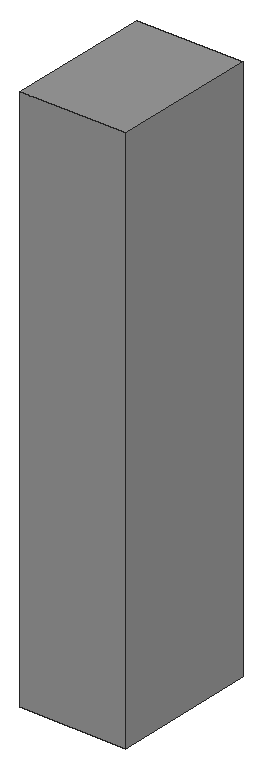
Revit family "PRE080019-FR", category Appareils sanitaires, Revit 2017
Family settings
  Cote de connecteur circulaire = Utiliser le diamètre
  Type d'élément = Normal
  Basée sur le plan de construction = Non
  Toujours verticalement = Oui
  Couper avec des vides une fois chargée = Non
  Partagée = Non
  Point de calcul de pièce = Non
Parameters (values of type "70814 PRESTO CHEF Colonne deux trous murale avec douchette")
  Variantes = "70814"
  Product data url = "https://www.bimobject.com/presto/product/pre080019"
  Product Guid = "f28a7723-6234-452e-aff1-106aed1f1b57"
  Garantie = ""
  URL Fabricant = "http://www.prestodatashare.com/centretelechargement/index.php?lang=FR&refs=70814"
  URL = "http://www.prestodatashare.com/centretelechargement/index.php?lang=FR&refs=70814"
  Lien notice d'utilisation = "http://www.prestodatashare.com/centretelechargement/index.php?lang=FR&refs=70814"
  Lien fiche produit = "http://www.prestodatashare.com/espacedoc/Fiches_Techniques/FR/70814.pdf"
  Reference = "70814"
  Pression = "1 à 5 bars"
  Polantis code = "PRE080019"
  Perte de charge = 0.0 Pa
  Profondeur = 300 mm
  Modèle = "70814 PRESTO CHEF Colonne deux trous murale avec douchette"
  Matériau = Laiton poli chromé
  Lien CCTP = "http://www.prestodatashare.com/centretelechargement/index.php?lang=FR&refs=70814"
  Largeur = 217 mm
  HC = 1100 mm
  Hauteur = 1134 mm
  Fonction = "Mélangeur à tête céramique 1/4 de tour\nDouchette noire M1/2'' avec surface de préhension limitant les risques de brûlure\nDébit de douchette régulé à 12L/min. Jet réglable par l'utilisateur : concentré ou mouillage. Embout de douchette anti-tartre. Crochet de blocage pour écoulement\ncontinu. Clapet anti-retour intégré.\nRessort de guidage pour flexible en inox\nSupport mural réglable, recoupable de 60 à 200 mm (de la colonne au mur)\nSupport de douchette ajustable : à gauche ou à droite\n\nPression d'utilisation recommandée : 1 à 5 bars\n\nDébit de douchette : 12L/min à 3 bar\n\nAlimentation hydraulique : G 1/2'' (15x 21)\n\nMatière et couleur de finition :\nCorps et colonne en laiton chromé\nMatière conforme avec la liste \"UBA\"\n\nRésistance thermique : Résiste à une température de 75° C durant 30 minutes (dans le cadre de chocs thermiques).\n\nLivré avec :\nRosaces excentriques\n2 filtres\n1 flexible (de douchette) tressé inox entouré d'une gaine PVC, résistant à des températures allant jusqu'à 90°C. Température d'utilisation en service à 70°C maximum\nen continu"
  Flux = 0.05 L/s
  Finition = "Corps en laiton chromé conforme aux normes NF EN1982/ NF EN 12164 / NF EN 12165\nTraitement de surface Nickel-Chrome selon NF EN12540\nRésistance au brouillard salin neutre (NSS) : 200 h selon NF ISO 9233"
  Fabricant = "LES ROBINETS PRESTO S.A."
  Edition number = 0
  Diamètre Nominal = 15 mm
  Description = "Produit résistant à un usage intensif\nSouplesse du ressort\nDouchette ergonomique avec fonction écoulement continu, et surface de préhension limitant les risques de brûlure. Embout permettant d'absorber les chocs. Crochet\nde blocage pour éviter les TMS ( troubles musculo squelettiques)\nInterface corps/colonne renforcé\nVolants intuitifs et ergonomiques : facilité de préhension\nVersion murale : facilite le nettoyage et favorise une hygiène optimale\nSupport mural réglable\nFlexible de douchette gaine PVC pour éviter les niches bactériennes et faciliter le nettoyage\nMaintenance aisée : présence d'une fente sous la pastille rouge/ bleue permettant le passage d'un tournevis\nFacilité de maintenance : disponibilité de toutes les pièces d'usure"
  Debit = "3 l/min par limiteur de débit intégré\r\r\nAérateur anti-tartre haute qualité\r\r\nDispositif anti-coup de bélier"
  Raccordement = "2xG1/2 entraxe 150 derriere bas"
  Adresse = "7, RUE RACINE - 92542 MONTROUGE CEDEX FRANCE"
Reference planes
  plane 1 "Centre (avant/arrière)": y = 0
  plane 2: z = 0
  plane 3 "Centre (gauche/droite)": x = 0
  plane 4: y = -300
  plane 5: x = 217
  plane 6: z = 1134
  plane 7: x = 108.5
  plane 8: z = 34
  plane 9: y = -25.5
  plane 10: z = 1
  plane 11: y = -1
  plane 12: x = 15
  plane 13: x = 202
Forms (mm)
  Extrusion 1, solid, material "Laiton poli chromé" <- "Matériau", detail levels fine
    sketch origin (0, 0, 0) x (1, 0, 0) y (0, 1, 0)
      loop
        line (0, 0) -> (0, -300) -> (217, -300) -> (217, 0) -> (0, 0)
    from 0 to 1134
  Extrusion 2, solid, material "Laiton poli chromé" <- "Matériau", detail levels fine
    sketch origin (0, 0, 0) x (1, 0, 0) y (0, 0, 1)
      loop
        circle (15, 34) r 4
    from 0 to 1
  Extrusion 3, solid, material "Laiton poli chromé" <- "Matériau", detail levels fine
    sketch origin (0, 0, 0) x (1, 0, 0) y (0, 0, 1)
      loop
        circle (202, 34) r 4
    from 0 to 1
Cuts and joins
  joined: Extrusion 1, Extrusion 2, Extrusion 3
Dimensions and locks
  "Profondeur": plane 1 "Centre (avant/arrière)" to plane 4
  "Largeur": plane 3 "Centre (gauche/droite)" to plane 5
  "Hauteur": plane 6 to level
  equal spacing: plane 3 "Centre (gauche/droite)", plane 7, plane 5
  "HC": plane 6 to plane 8
  plane 1 "Centre (avant/arrière)" to plane 9 = 25.5 mm
  locked: plane 10 to plane 2 at 1
  locked: plane 1 "Centre (avant/arrière)" to plane 11 at 1
  locked: plane 13 to plane 5 at 15
  locked: plane 3 "Centre (gauche/droite)" to plane 12 at 15
  aligned and locked: level to plane 2
  aligned and locked: plane 1 "Centre (avant/arrière)" to Extrusion 1 sketch curve
  aligned and locked: plane 3 "Centre (gauche/droite)" to Extrusion 1 sketch curve
  aligned and locked: plane 4 to Extrusion 1 sketch curve
  aligned and locked: plane 5 to Extrusion 1 sketch curve
  aligned and locked: plane 6 to Extrusion 1
  aligned and locked: Extrusion 2 to plane 11
  aligned and locked: Extrusion 2 to plane 1 "Centre (avant/arrière)"
  aligned and locked: plane 7 to nested 1
  aligned and locked: plane 1 "Centre (avant/arrière)" to nested 1
  aligned and locked: nested 2 to plane 3 "Centre (gauche/droite)"
  aligned and locked: nested 2 to plane 4
Automatic sketch dimensions
  Extrusion 2 sketch curve to plane 8 = 0 mm
  plane 12 to Extrusion 2 sketch curve = 0 mm
  Extrusion 3 sketch curve to plane 8 = 0 mm
  Extrusion 3 sketch curve to plane 13 = 0 mm
  radius of Extrusion 2 sketch curve = 4 mm
  radius of Extrusion 3 sketch curve = 4 mm
Nested families
  nested 1: "Symbolique" at (0, -150, -533) x (0, 1, 0) z (0, 0, 1), type "Symbolique", detail levels coarse+medium
  nested 2: "S2D" at (217, -150, 0) x (0, 1, 0) z (0, 0, 1), type "S2D", detail levels coarse+medium
Connectors
  piping at (15, 0, 34), diameter 15, driven by "Flux", driven by "Perte de charge", driven by "Diamètre Nominal"
    settings: on Extrusion 2, index 2, connector inside diameter 609.6 mm, connector length 0 mm, flow factor 0, pipe flow 0.05 L/s, pressure drop 0.0 Pa, fitting loss kfactor 0, connector angle 0.00°, fixture units 0, engagement length 0 mm, angle of deflection 0.00°, flow configuration 0, flow direction 1, fitting loss method 4, system type 19, joint type 0, gender type 0, connector reference index -1, connector utility 0, adjustable connector no, is connector primary yes, connector description ""
  piping at (202, 0, 34), diameter 15, driven by "Diamètre Nominal", driven by "Flux", driven by "Perte de charge"
    settings: on Extrusion 3, index 3, connector inside diameter 609.6 mm, connector length 0 mm, flow factor 0, pipe flow 0.05 L/s, pressure drop 0.0 Pa, fitting loss kfactor 0, connector angle 0.00°, fixture units 0, engagement length 0 mm, angle of deflection 0.00°, flow configuration 0, flow direction 1, fitting loss method 4, system type 20, joint type 0, gender type 0, connector reference index -1, connector utility 0, adjustable connector no, is connector primary no, connector description ""
Definition of nested family "Symbolique"
  Parameters (values of type "Symbolique")
    V = yes
    P = 1000 mm
    L = 1000 mm
    H = 1000 mm
  Reference planes
    plane 1 "Centre (avant/arrière)": y = 0
    plane 2: z = 0
    plane 3 "Centre (gauche/droite)": x = 0
    plane 4: y = -1000
    plane 5: x = -500
    plane 6: x = 500
    plane 7: z = 1000
    plane 8: z = 500
    plane 9: y = -500
  Lines and regions (mm)
    model lines, visible <- "V"
      curve 1: line (-500, -1000, 500) -> (-500, 0, 500)
      curve 2: line (500, -1000, 500) -> (500, 0, 500)
      curve 3: line (500, 0, 500) -> (-500, -1000, 500)
      curve 4: line (-500, 0, 500) -> (500, -1000, 500)
  Dimensions and locks
    "H": plane 7 to plane 2
    equal spacing: plane 5, plane 3 "Centre (gauche/droite)", plane 6
    "L": plane 5 to plane 6
    equal spacing: plane 7, plane 8, level
    equal spacing: plane 4, plane 9, plane 1 "Centre (avant/arrière)"
    "P": plane 1 "Centre (avant/arrière)" to plane 4
    aligned and locked: level to plane 2
  Automatic sketch dimensions
    plane 1 "Centre (avant/arrière)" to curve 3 = 0 mm
    curve 3 to plane 6 = 0 mm
    curve 3 to plane 4 = 0 mm
    curve 3 to plane 5 = 0 mm
    plane 1 "Centre (avant/arrière)" to curve 1 = 0 mm
    curve 2 to plane 4 = 0 mm
Definition of nested family "S2D"
  Parameters (values of type "S2D")
    P = 788.322 mm
    L = 1600 mm
    H = 1250.021 mm
  Reference planes
    plane 1 "Centre (avant/arrière)": y = 0
    plane 2: z = 0
    plane 3 "Centre (gauche/droite)": x = 0
    plane 4: y = 788.322
    plane 5: x = -800
    plane 6: x = 800
    plane 7: y = 394.161
    plane 8: z = 1250.021
    plane 9: z = 625.01
  Lines and regions (mm)
    symbolic lines
      curve 1: line (-800, 788.322, 0) -> (800, 0, 0)
      curve 2: line (800, 0, 0) -> (800, 788.322, 0)
      curve 3: line (800, 788.322, 0) -> (-800, 0, 0)
      curve 4: line (-800, 0, 0) -> (-800, 788.322, 0)
      curve 5: line (-800, 0, 0) -> (-800, 0, 1250.021)
      curve 6: line (-800, 0, 1250.021) -> (800, 0, 0)
      curve 7: line (800, 0, 0) -> (800, 0, 1250.021)
      curve 8: line (800, 0, 1250.021) -> (-800, 0, 0)
      curve 9: line (0, 0, 1250.021) -> (0, 0, 0)
      curve 10: line (0, 0, 0) -> (0, 788.322, 1250.021)
      curve 11: line (0, 788.322, 1250.021) -> (0, 788.322, 0)
      curve 12: line (0, 788.322, 0) -> (0, 0, 1250.021)
  Dimensions and locks
    equal spacing: plane 5, plane 3 "Centre (gauche/droite)", plane 6
    equal spacing: plane 1 "Centre (avant/arrière)", plane 7, plane 4
    "P": plane 1 "Centre (avant/arrière)" to plane 4
    "L": plane 5 to plane 6
    equal spacing: plane 8, plane 9, level
    "H": plane 8 to plane 2
    aligned and locked: level to plane 2
  Automatic sketch dimensions
    plane 1 "Centre (avant/arrière)" to curve 3 = 0 mm
    curve 1 to plane 4 = 0 mm
    curve 3 to plane 4 = 0 mm
    plane 1 "Centre (avant/arrière)" to curve 2 = 0 mm
    curve 3 to plane 6 = 0 mm
    curve 4 to plane 5 = 0 mm
    plane 5 to curve 5 = 0 mm
    curve 8 to level = 0 mm
    plane 6 to curve 8 = 0 mm
    curve 7 to level = 0 mm
    curve 8 to plane 8 = 0 mm
    curve 5 to plane 8 = 0 mm
    curve 11 to level = 0 mm
    curve 11 to plane 8 = 0 mm
    curve 9 to plane 8 = 0 mm
    curve 9 to plane 1 "Centre (avant/arrière)" = 0 mm
    curve 9 to level = 0 mm
    curve 11 to plane 4 = 0 mm
